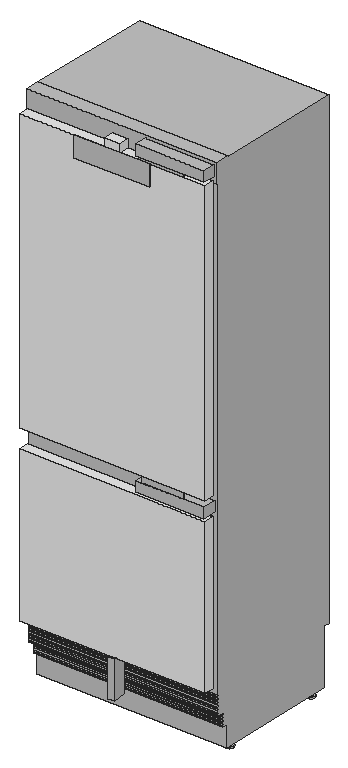
Revit family "FP-Revit20-en-RS3084WRUE1-FridgeFreezer-0-CA-US-90001084A", category Specialty Equipment, Revit 2020 (continued)
Definition of nested family "Handle Professional Round - Vertical"
  Automatic sketch dimensions
    Extrusion 2 sketch curve to plane 3 "Center (Left/Right)" = 0 mm
    Extrusion 2 sketch curve to plane 3 "Center (Left/Right)" = 18.5 mm
    plane 1 "Center (Front/Back)" to Extrusion 2 sketch curve = 41.7 mm
    Extrusion 3 sketch curve to plane 3 "Center (Left/Right)" = 0 mm
    plane 1 "Center (Front/Back)" to Extrusion 3 sketch curve = 41.7 mm
    Sweep 4 sketch curve to profile plane = 0 mm  (x2)
    Sweep 4 sketch curve to profile plane = 3 mm  (x2)
    Sweep 5 sketch curve to profile plane = 0 mm  (x2)
    Sweep 5 sketch curve to profile plane = 3 mm  (x2)
    Extrusion 6 sketch curve to plane 3 "Center (Left/Right)" = 0 mm
    Extrusion 6 sketch curve to plane 3 "Center (Left/Right)" = 18.5 mm
    plane 1 "Center (Front/Back)" to Extrusion 6 sketch curve = 41.7 mm
    Extrusion 6 sketch curve to Extrusion 6 sketch curve = 41.7 mm
    Extrusion 7 sketch curve to plane 3 "Center (Left/Right)" = 0 mm
    Extrusion 7 sketch curve to plane 3 "Center (Left/Right)" = 18.5 mm
    plane 1 "Center (Front/Back)" to Extrusion 7 sketch curve = 41.7 mm
    Extrusion 7 sketch curve to Extrusion 7 sketch curve = 41.7 mm
    radius of Extrusion 3 sketch curve = 12.7 mm
Definition of nested family "Handle Professional Round Flush - Vertical"
  Parameters (values of type "AHP3-RD84 - Professional round flush handle (Vertical) 677mm")
    URL = "www.fisherpaykel.com"
    Material - Handle = none
    Manufacturer = "Fisher & Paykel Appliances"
    Handle - Length = 677 mm
    Default Elevation = 0 mm
  Types (4): name
    (no name)
    AHP3RD2484W - Professional round flush handle (1 of 2) (Vertical) 677mm
    AHP3RD3084W - Professional round flush handle (1 of 2) (Vertical) 677mm
    AHP3-RD84 - Professional round flush handle (Vertical) 677mm
  Reference planes
    plane 1 "Center (Front/Back)": y = 0
    plane 2: z = 0
    plane 3 "Center (Left/Right)": x = 0
    plane 4 "Top": z = 338.5
    plane 5 "Bottom": z = -338.5
    plane 6 "Top Standoff": z = 303.5
    plane 7 "Bottom Standoff": z = -303.5
  Forms (mm)
    Extrusion 1, solid, material <- "Material - Handle", detail levels fine
      sketch origin (0, 0, 0) x (1, 0, 0) y (0, 1, 0)
        loop
          arc (-12.817, -46.665) -> (0, -58.016) -> (12.817, -46.665) r 12.912
          line (12.817, -46.665) -> (18.5, 0) -> (-18.5, 0) -> (-12.817, -46.665)
      from 303.5 to 338.5
    Extrusion 2, solid, material <- "Material - Handle", detail levels fine
      sketch origin (0, 0, 0) x (1, 0, 0) y (0, 1, 0)
        loop
          arc (-12.817, -46.665) -> (0, -58.016) -> (12.817, -46.665) r 12.912
          line (12.817, -46.665) -> (18.5, 0) -> (-18.5, 0) -> (-12.817, -46.665)
      from -338.5 to -303.5
    Extrusion 3, solid, material <- "Material - Handle"
      sketch origin (0, 0, 0) x (1, 0, 0) y (0, 1, 0)
        loop
          circle (0, -45.116) r 12.7
      from -303.5 to 303.5
    Sweep 4, void
      path in 3D
        loop
          line (18.5, 0, 338.5) -> (12.817, -46.665, 338.5)
          arc (12.817, -46.665, 338.5) -> (0, -58.016, 338.5) -> (-12.817, -46.665, 338.5) r 12.912
          line (-12.817, -46.665, 338.5) -> (-18.5, 0, 338.5)
      profile origin (0, -58.016, 338.5) x (0, -1, 0) y (0, 0, 1)
        loop
          line (0, 0) -> (-1.5, 0) -> (0, -1.5) -> (0, 0)
    Sweep 5, void
      path in 3D
        loop
          line (-18.5, 0, -338.5) -> (-12.817, -46.665, -338.5)
          arc (-12.817, -46.665, -338.5) -> (0, -58.016, -338.5) -> (12.817, -46.665, -338.5) r 12.912
          line (12.817, -46.665, -338.5) -> (18.5, 0, -338.5)
      profile origin (0, -58.016, -338.5) x (0, -1, 0) y (0, 0, -1)
        loop
          line (0, 0) -> (-1.5, 0) -> (0, -1.5) -> (0, 0)
    Extrusion 6, solid, material <- "Material - Handle", detail levels coarse+medium
      sketch origin (0, 0, 0) x (1, 0, 0) y (0, 1, 0)
        loop
          arc (-12.817, -46.665) -> (0, -58.016) -> (12.817, -46.665) r 12.912
          line (12.817, -46.665) -> (18.5, 0) -> (-18.5, 0) -> (-12.817, -46.665)
      from 303.5 to 338.5
    Extrusion 7, solid, material <- "Material - Handle", detail levels coarse+medium
      sketch origin (0, 0, 0) x (1, 0, 0) y (0, 1, 0)
        loop
          arc (-12.817, -46.665) -> (0, -58.016) -> (12.817, -46.665) r 12.912
          line (12.817, -46.665) -> (18.5, 0) -> (-18.5, 0) -> (-12.817, -46.665)
      from -338.5 to -303.5
  Cuts and joins
    Sweep 4 cuts Extrusion 1
    Sweep 5 cuts Extrusion 2
  Lines and regions (mm)
    sketch lines
      curve 1: arc (12.817, -46.665, 338.5) -> (0, -58.016, 338.5) -> (-12.817, -46.665, 338.5) r 12.912
      curve 2: line (12.817, -46.665, 338.5) -> (18.5, 0, 338.5)
      curve 3: line (-18.5, 0, 338.5) -> (-12.817, -46.665, 338.5)
      curve 4: arc (-12.817, -46.665, -338.5) -> (0, -58.016, -338.5) -> (12.817, -46.665, -338.5) r 12.912
      curve 5: line (18.5, 0, -338.5) -> (12.817, -46.665, -338.5)
      curve 6: line (-12.817, -46.665, -338.5) -> (-18.5, 0, -338.5)
  Dimensions and locks
    equal spacing: plane 4 "Top", level, plane 5 "Bottom"
    "Handle - Length": plane 4 "Top" to plane 5 "Bottom"
    aligned and locked: level to plane 2
    aligned and locked: plane 4 "Top" to Extrusion 1
    aligned and locked: Extrusion 1 to plane 6 "Top Standoff"
    aligned and locked: Extrusion 2 to plane 5 "Bottom"
    aligned and locked: plane 1 "Center (Front/Back)" to Extrusion 2 sketch curve
    aligned and locked: plane 6 "Top Standoff" to Extrusion 3
    aligned and locked: Extrusion 3 to plane 7 "Bottom Standoff"
  Automatic sketch dimensions
    plane 1 "Center (Front/Back)" to Extrusion 1 sketch curve = 0 mm
    Extrusion 1 sketch curve to plane 3 "Center (Left/Right)" = 0 mm
    Extrusion 1 sketch curve to plane 3 "Center (Left/Right)" = 12.817 mm
    Extrusion 1 sketch curve to plane 3 "Center (Left/Right)" = 18.5 mm
    plane 3 "Center (Left/Right)" to Extrusion 1 sketch curve = 12.817 mm
    plane 3 "Center (Left/Right)" to Extrusion 1 sketch curve = 18.5 mm
    plane 1 "Center (Front/Back)" to Extrusion 1 sketch curve = 45.104 mm
    Extrusion 1 sketch curve to Extrusion 1 sketch curve = 1.561 mm
    Extrusion 2 sketch curve to plane 3 "Center (Left/Right)" = 0 mm
    Extrusion 2 sketch curve to plane 3 "Center (Left/Right)" = 12.817 mm
    Extrusion 2 sketch curve to plane 3 "Center (Left/Right)" = 18.5 mm
    plane 3 "Center (Left/Right)" to Extrusion 2 sketch curve = 12.817 mm
    plane 3 "Center (Left/Right)" to Extrusion 2 sketch curve = 18.5 mm
    plane 1 "Center (Front/Back)" to Extrusion 2 sketch curve = 45.104 mm
    Extrusion 2 sketch curve to Extrusion 2 sketch curve = 1.561 mm
    Extrusion 3 sketch curve to plane 3 "Center (Left/Right)" = 0 mm
    plane 1 "Center (Front/Back)" to Extrusion 3 sketch curve = 45.116 mm
    Sweep 4 sketch curve to profile plane = 0 mm  (x2)
    profile plane to Sweep 4 sketch curve = 1.5 mm
    Sweep 4 sketch curve to profile plane = 1.5 mm
    profile plane to Sweep 5 sketch curve = 0 mm
    Sweep 5 sketch curve to profile plane = 0 mm
    profile plane to Sweep 5 sketch curve = 1.5 mm
    Sweep 5 sketch curve to profile plane = 1.5 mm
    Extrusion 6 sketch curve to plane 3 "Center (Left/Right)" = 0 mm
    Extrusion 6 sketch curve to plane 3 "Center (Left/Right)" = 12.817 mm
    Extrusion 6 sketch curve to plane 3 "Center (Left/Right)" = 18.5 mm
    plane 3 "Center (Left/Right)" to Extrusion 6 sketch curve = 12.817 mm
    plane 3 "Center (Left/Right)" to Extrusion 6 sketch curve = 18.5 mm
    plane 1 "Center (Front/Back)" to Extrusion 6 sketch curve = 46.665 mm
    Extrusion 6 sketch curve to Extrusion 6 sketch curve = 1.561 mm
    Extrusion 6 sketch curve to Extrusion 6 sketch curve = 46.665 mm
    Extrusion 7 sketch curve to plane 3 "Center (Left/Right)" = 0 mm
    Extrusion 7 sketch curve to plane 3 "Center (Left/Right)" = 12.817 mm
    Extrusion 7 sketch curve to plane 3 "Center (Left/Right)" = 18.5 mm
    plane 3 "Center (Left/Right)" to Extrusion 7 sketch curve = 12.817 mm
    plane 3 "Center (Left/Right)" to Extrusion 7 sketch curve = 18.5 mm
    plane 1 "Center (Front/Back)" to Extrusion 7 sketch curve = 46.665 mm
    Extrusion 7 sketch curve to Extrusion 7 sketch curve = 1.561 mm
    Extrusion 7 sketch curve to Extrusion 7 sketch curve = 46.665 mm
    radius of Extrusion 3 sketch curve = 12.7 mm
Definition of nested family "Handle Professional Square - Vertical"
  Parameters (values of type "AHV2RS3272A - Professional square handle (1 of 2) (Vertical) 727mm")
    URL = "www.fisherpaykel.com"
    Material - Handle = none
    Manufacturer = "Fisher & Paykel Appliances"
    Handle - Length = 727 mm
    Default Elevation = 0 mm
  Types (5, lengths in mm): name | Handle - Length
    (no name) | 727
    AHV2RD2484W - Professional square handle (1 of 2) (Vertical) 727mm | 727
    AHV2RD3084W - Professional square handle (1 of 2) (Vertical) 727mm | 727
    AHV2-RD84 - Professional square handle (Vertical) 792mm | 792
    AHV2RS3272A - Professional square handle (1 of 2) (Vertical) 727mm | 727
  Reference planes
    plane 1 "Center (Front/Back)": y = 0
    plane 2: z = 0
    plane 3 "Center (Left/Right)": x = 0
    plane 4 "Top": z = 363.5
    plane 5 "Bottom": z = -363.5
    plane 6 "Top Standoff": z = 313.5
    plane 7 "Bottom Standoff": z = -313.5
  Forms (mm)
    Extrusion 1, solid, material <- "Material - Handle", detail levels fine
      sketch origin (0, 0, 0) x (0, 1, 0) y (0, 0, 1)
        loop
          line (0, 363.5) -> (-40, 363.5)
          arc (-40, 363.5) -> (-47.071, 360.571) -> (-50, 353.5) r 10
          line (-50, 353.5) -> (-50, 313.5) -> (0, 313.5) -> (0, 363.5)
        loop
          line (0, -363.5) -> (0, -313.5) -> (-50, -313.5) -> (-50, -353.5)
          arc (-50, -353.5) -> (-47.071, -360.571) -> (-40, -363.5) r 10
          line (-40, -363.5) -> (0, -363.5)
      from -17.5 to 17.5
    Sweep 2, void
      path in 3D
        loop
          line (17.5, 0, 363.5) -> (17.5, -40, 363.5)
          arc (17.5, -40, 363.5) -> (17.5, -47.071, 360.571) -> (17.5, -50, 353.5) r 10
          line (17.5, -50, 353.5) -> (17.5, -50, 313.5)
      profile origin (17.5, -20, 363.5) x (1, 0, 0) y (0, 0, 1)
        loop
          line (0, 0) -> (-2.5, 0) -> (0, -2.5) -> (0, 0)
    Sweep 3, void
      path in 3D
        loop
          line (-17.5, -50, 313.5) -> (-17.5, -50, 353.5)
          arc (-17.5, -50, 353.5) -> (-17.5, -47.071, 360.571) -> (-17.5, -40, 363.5) r 10
          line (-17.5, -40, 363.5) -> (-17.5, 0, 363.5)
      profile origin (-17.5, -20, 363.5) x (-1, 0, 0) y (0, 0, 1)
        loop
          line (0, 0) -> (-2.5, 0) -> (0, -2.5) -> (0, 0)
    Sweep 4, void
      path in 3D
        loop
          line (17.5, -50, -313.5) -> (17.5, -50, -353.5)
          arc (17.5, -50, -353.5) -> (17.5, -47.071, -360.571) -> (17.5, -40, -363.5) r 10
          line (17.5, -40, -363.5) -> (17.5, 0, -363.5)
      profile origin (17.5, -20, -363.5) x (1, 0, 0) y (0, 0, -1)
        loop
          line (0, 0) -> (-2.5, 0) -> (0, -2.5) -> (0, 0)
    Sweep 5, void
      path in 3D
        loop
          line (-17.5, 0, -363.5) -> (-17.5, -40, -363.5)
          arc (-17.5, -40, -363.5) -> (-17.5, -47.071, -360.571) -> (-17.5, -50, -353.5) r 10
          line (-17.5, -50, -353.5) -> (-17.5, -50, -313.5)
      profile origin (-17.5, -20, -363.5) x (-1, 0, 0) y (0, 0, -1)
        loop
          line (0, 0) -> (-2.5, 0) -> (0, -2.5) -> (0, 0)
    Extrusion 6, solid, material <- "Material - Handle", detail levels fine
      sketch origin (0, 0, 0) x (1, 0, 0) y (0, 1, 0)
        loop
          line (-15.5, -36.737) -> (-15.5, -46.422) -> (-14.172, -47.75) -> (14.172, -47.75) -> (15.5, -46.422) -> (15.5, -36.737)
          arc (15.5, -36.737) -> (0, -32.25) -> (-15.5, -36.737) r 29.013
      from -313.5 to 313.5
    Extrusion 7, solid, material <- "Material - Handle", detail levels coarse+medium
      sketch origin (0, 0, 0) x (0, 1, 0) y (0, 0, 1)
        loop
          line (0, 363.5) -> (-40, 363.5)
          arc (-40, 363.5) -> (-47.071, 360.571) -> (-50, 353.5) r 10
          line (-50, 353.5) -> (-50, -353.5)
          arc (-50, -353.5) -> (-47.071, -360.571) -> (-40, -363.5) r 10
          line (-40, -363.5) -> (0, -363.5) -> (0, -313.5) -> (-31.95, -313.5) -> (-31.95, 313.5) -> (0, 313.5) -> (0, 363.5)
      from -17.5 to 17.5
  Cuts and joins
    Sweep 2, Sweep 3, Sweep 4, Sweep 5 cuts Extrusion 1
  Lines and regions (mm)
    sketch lines
      curve 1: line (17.5, 0, 363.5) -> (17.5, -40, 363.5)
      curve 2: arc (17.5, -50, 353.5) -> (17.5, -47.071, 360.571) -> (17.5, -40, 363.5) r 10
      curve 3: line (17.5, -50, 353.5) -> (17.5, -50, 313.5)
      curve 4: line (-17.5, -40, 363.5) -> (-17.5, 0, 363.5)
      curve 5: arc (-17.5, -40, 363.5) -> (-17.5, -47.071, 360.571) -> (-17.5, -50, 353.5) r 10
      curve 6: line (-17.5, -50, 313.5) -> (-17.5, -50, 353.5)
      curve 7: line (17.5, -40, -363.5) -> (17.5, 0, -363.5)
      curve 8: arc (17.5, -40, -363.5) -> (17.5, -47.071, -360.571) -> (17.5, -50, -353.5) r 10
      curve 9: line (17.5, -50, -313.5) -> (17.5, -50, -353.5)
      curve 10: line (-17.5, 0, -363.5) -> (-17.5, -40, -363.5)
      curve 11: arc (-17.5, -50, -353.5) -> (-17.5, -47.071, -360.571) -> (-17.5, -40, -363.5) r 10
      curve 12: line (-17.5, -50, -353.5) -> (-17.5, -50, -313.5)
  Dimensions and locks
    equal spacing: plane 4 "Top", level, plane 5 "Bottom"
    "Handle - Length": plane 4 "Top" to plane 5 "Bottom"
    plane 7 "Bottom Standoff" to plane 5 "Bottom" = 50 mm
    plane 4 "Top" to plane 6 "Top Standoff" = 50 mm
    aligned and locked: level to plane 2
    aligned and locked: plane 4 "Top" to Extrusion 1 sketch curve
    aligned and locked: plane 5 "Bottom" to Extrusion 1 sketch curve
    aligned and locked: Extrusion 1 sketch curve to plane 1 "Center (Front/Back)"
    aligned and locked: plane 1 "Center (Front/Back)" to Extrusion 1 sketch curve
    aligned and locked: plane 6 "Top Standoff" to Extrusion 1 sketch curve
    aligned and locked: plane 7 "Bottom Standoff" to Extrusion 1 sketch curve
    aligned and locked: plane 6 "Top Standoff" to Extrusion 6
    aligned and locked: Extrusion 6 to plane 7 "Bottom Standoff"
    aligned and locked: plane 4 "Top" to Extrusion 7 sketch curve
    aligned and locked: plane 6 "Top Standoff" to Extrusion 7 sketch curve
    aligned and locked: plane 1 "Center (Front/Back)" to Extrusion 7 sketch curve
    aligned and locked: plane 7 "Bottom Standoff" to Extrusion 7 sketch curve
    aligned and locked: plane 5 "Bottom" to Extrusion 7 sketch curve
    aligned and locked: Extrusion 7 sketch curve to plane 1 "Center (Front/Back)"
  Automatic sketch dimensions
    Sweep 2 sketch curve to profile plane = 0 mm
    profile plane to Sweep 2 sketch curve = 0 mm
    profile plane to Sweep 2 sketch curve = 2.5 mm
    Sweep 2 sketch curve to profile plane = 2.5 mm
    Sweep 3 sketch curve to profile plane = 0 mm  (x2)
    profile plane to Sweep 3 sketch curve = 2.5 mm
    Sweep 3 sketch curve to profile plane = 2.5 mm
    Sweep 4 sketch curve to profile plane = 0 mm
    profile plane to Sweep 4 sketch curve = 0 mm
    profile plane to Sweep 4 sketch curve = 2.5 mm
    Sweep 4 sketch curve to profile plane = 2.5 mm
    Sweep 5 sketch curve to profile plane = 0 mm  (x2)
    profile plane to Sweep 5 sketch curve = 2.5 mm
    Sweep 5 sketch curve to profile plane = 2.5 mm
    plane 1 "Center (Front/Back)" to Extrusion 1 sketch curve = 40 mm  (x2)
    Extrusion 1 sketch curve to Extrusion 1 sketch curve = 10 mm  (x2)
    Extrusion 6 sketch curve to plane 3 "Center (Left/Right)" = 0 mm
    Extrusion 6 sketch curve to Extrusion 6 sketch curve = 1.328 mm  (x4)
    plane 1 "Center (Front/Back)" to Extrusion 6 sketch curve = 61.263 mm
    Extrusion 6 sketch curve to Extrusion 6 sketch curve = 13.513 mm
    Extrusion 6 sketch curve to Extrusion 6 sketch curve = 9.684 mm  (x2)
    Extrusion 6 sketch curve to plane 3 "Center (Left/Right)" = 14.172 mm
    plane 1 "Center (Front/Back)" to Extrusion 7 sketch curve = 31.95 mm
    plane 1 "Center (Front/Back)" to Extrusion 7 sketch curve = 40 mm  (x2)
    Extrusion 7 sketch curve to plane 4 "Top" = 10 mm
Definition of nested family "Handle Contemporary Round - Horizontal"
  Parameters (values of type "AHSRS80A - Contemporary round handle (2 of 2) (Horizontal) 646mm")
    URL = "www.fisherpaykel.com"
    Product - Width = 646 mm
    Material - Handle = none
    Manufacturer = "Fisher & Paykel Appliances"
    Default Elevation = 0 mm
  Types (5, lengths in mm): name | Product - Width
    (no name) | 646
    AHSRD2484W - Contemporary round handle (2 of 2) (Horizontal) 494mm | 494
    AHSRD3084W - Contemporary round handle (2 of 2) (Horizontal) 646mm | 646
    AHSRS3272A - Contemporary round handle (2 of 2) (Horizontal) 646mm | 646
    AHSRS80A - Contemporary round handle (2 of 2) (Horizontal) 646mm | 646
  Reference planes
    plane 1 "Center (Front/Back)": y = 0
    plane 2: z = 0
    plane 3 "Center (Left/Right)": x = 0
    plane 4 "Product LHS": x = -323
    plane 5 "Product RHS": x = 323
    plane 6 "LHS Standoff": x = -202.995
    plane 7 "RHS Standoff": x = 203.005
  Forms (mm)
    Extrusion 1, solid, material <- "Material - Handle"
      sketch origin (0, 0, 0) x (0, 1, 0) y (0, 0, 1)
        loop
          circle (-32.3, 0) r 8.7
      from -202.995 to 203.005
    Extrusion 2, solid, material <- "Material - Handle", detail levels fine
      sketch origin (0, 0, 0) x (0, 1, 0) y (0, 0, 1)
        loop
          line (0, 8.7) -> (-32.3, 8.7)
          arc (-32.3, 8.7) -> (-41, 0) -> (-32.3, -8.7) r 8.7
          line (-32.3, -8.7) -> (0, -8.7) -> (0, 8.7)
      from 203.005 to 323
    Extrusion 3, solid, material <- "Material - Handle", detail levels fine
      sketch origin (0, 0, 0) x (0, 1, 0) y (0, 0, -1)
        loop
          line (0, -8.7) -> (0, 8.7) -> (-32.3, 8.7)
          arc (-32.3, 8.7) -> (-41, 0) -> (-32.3, -8.7) r 8.7
          line (-32.3, -8.7) -> (0, -8.7)
      from 202.995 to 323
    Sweep 4, void
      path in 3D
        loop
          line (323, 0, 8.7) -> (323, -32.3, 8.7)
          arc (323, -32.3, 8.7) -> (323, -41, 0) -> (323, -32.3, -8.7) r 8.7
          line (323, -32.3, -8.7) -> (323, 0, -8.7)
      profile origin (323, -16.15, 8.7) x (1, 0, 0) y (0, 0, 1)
        loop
          line (0, 0) -> (-1, 0) -> (0, -1) -> (0, 0)
    Sweep 5, void
      path in 3D
        loop
          line (-323, 0, -8.7) -> (-323, -32.3, -8.7)
          arc (-323, -32.3, -8.7) -> (-323, -41, 0) -> (-323, -32.3, 8.7) r 8.7
          line (-323, -32.3, 8.7) -> (-323, 0, 8.7)
      profile origin (-323, -16.15, 8.7) x (-1, 0, 0) y (0, 0, 1)
        loop
          line (0, 0) -> (-1, 0) -> (0, -1) -> (0, 0)
    Extrusion 6, solid, material <- "Material - Handle", detail levels coarse+medium
      sketch origin (0, 0, 0) x (0, 1, 0) y (0, 0, 1)
        loop
          line (0, 8.7) -> (-32.3, 8.7)
          arc (-32.3, 8.7) -> (-41, 0) -> (-32.3, -8.7) r 8.7
          line (-32.3, -8.7) -> (0, -8.7) -> (0, 8.7)
      from 203.005 to 323
    Extrusion 7, solid, material <- "Material - Handle", detail levels coarse+medium
      sketch origin (0, 0, 0) x (0, 1, 0) y (0, 0, -1)
        loop
          line (0, -8.7) -> (0, 8.7) -> (-32.3, 8.7)
          arc (-32.3, 8.7) -> (-41, 0) -> (-32.3, -8.7) r 8.7
          line (-32.3, -8.7) -> (0, -8.7)
      from 202.995 to 323
  Cuts and joins
    Sweep 4 cuts Extrusion 2
    Sweep 5 cuts Extrusion 3
  Lines and regions (mm)
    sketch lines
      curve 1: line (323, 0, 8.7) -> (323, -32.3, 8.7)
      curve 2: arc (323, -32.3, -8.7) -> (323, -41, 0) -> (323, -32.3, 8.7) r 8.7
      curve 3: line (323, -32.3, -8.7) -> (323, 0, -8.7)
      curve 4: line (-323, -32.3, 8.7) -> (-323, 0, 8.7)
      curve 5: arc (-323, -32.3, 8.7) -> (-323, -41, 0) -> (-323, -32.3, -8.7) r 8.7
      curve 6: line (-323, 0, -8.7) -> (-323, -32.3, -8.7)
  Dimensions and locks
    equal spacing: plane 4 "Product LHS", plane 3 "Center (Left/Right)", plane 5 "Product RHS"
    "Product - Width": plane 4 "Product LHS" to plane 5 "Product RHS"
    locked: plane 4 "Product LHS" to plane 6 "LHS Standoff" at 120.005
    locked: plane 7 "RHS Standoff" to plane 5 "Product RHS" at 119.995
    equal spacing: Extrusion 2 sketch curve, level, Extrusion 2 sketch curve
    Extrusion 3 sketch curve to Extrusion 3 sketch curve = 17.4 mm
    Extrusion 6 sketch curve to Extrusion 6 sketch curve = 17.4 mm
    Extrusion 7 sketch curve to Extrusion 7 sketch curve = 17.4 mm
    aligned and locked: level to plane 2
    aligned and locked: plane 7 "RHS Standoff" to Extrusion 1
    aligned and locked: Extrusion 2 to Extrusion 1
    aligned and locked: Extrusion 2 to plane 5 "Product RHS"
    aligned and locked: plane 4 "Product LHS" to Extrusion 3
    aligned and locked: plane 6 "LHS Standoff" to Extrusion 3
    aligned and locked: Extrusion 1 to plane 6 "LHS Standoff"
    aligned and locked: Extrusion 6 to Extrusion 1
    aligned and locked: Extrusion 6 to plane 5 "Product RHS"
    aligned and locked: plane 4 "Product LHS" to Extrusion 7
    aligned and locked: Extrusion 7 to Extrusion 1
  Automatic sketch dimensions
    Extrusion 1 sketch curve to level = 0 mm
    plane 1 "Center (Front/Back)" to Extrusion 1 sketch curve = 32.3 mm
    Extrusion 2 sketch curve to plane 1 "Center (Front/Back)" = 0 mm
    Extrusion 2 sketch curve to level = 8.7 mm
    plane 1 "Center (Front/Back)" to Extrusion 2 sketch curve = 32.3 mm
    Extrusion 3 sketch curve to level = 0 mm
    Extrusion 3 sketch curve to plane 1 "Center (Front/Back)" = 0 mm
    Extrusion 3 sketch curve to level = 8.7 mm
    plane 1 "Center (Front/Back)" to Extrusion 3 sketch curve = 32.3 mm
    Sweep 4 sketch curve to profile plane = 0 mm
    profile plane to Sweep 4 sketch curve = 0 mm
    profile plane to Sweep 4 sketch curve = 1 mm
    Sweep 4 sketch curve to profile plane = 1 mm
    Sweep 5 sketch curve to profile plane = 0 mm  (x2)
    profile plane to Sweep 5 sketch curve = 1 mm
    Sweep 5 sketch curve to profile plane = 1 mm
    Extrusion 6 sketch curve to level = 0 mm
    level to Extrusion 6 sketch curve = 8.7 mm
    plane 1 "Center (Front/Back)" to Extrusion 6 sketch curve = 32.3 mm
    Extrusion 6 sketch curve to Extrusion 6 sketch curve = 32.3 mm
    Extrusion 7 sketch curve to level = 0 mm
    level to Extrusion 7 sketch curve = 8.7 mm
    plane 1 "Center (Front/Back)" to Extrusion 7 sketch curve = 32.3 mm
    Extrusion 7 sketch curve to Extrusion 7 sketch curve = 32.3 mm
    radius of Extrusion 1 sketch curve = 8.7 mm
Definition of nested family "Handle Contemporary Square - Horizontal"
  Parameters (values of type "AHD3RD3084W - Contemporary square handle (2 of 2) (Horizontal) 646mm")
    URL = "www.fisherpaykel.com"
    Material - Handle = none
    Manufacturer = "Fisher & Paykel Appliances"
    Handle - Length = 646 mm
    Default Elevation = 0 mm
  Types (5, lengths in mm): name | Handle - Length
    (no name) | 646
    AHD3RD2484W - Contemporary square handle (2 of 2) (Horizontal) 494mm | 494
    AHD3RD3084W - Contemporary square handle (2 of 2) (Horizontal) 646mm | 646
    AHD3RS3272A - Contemporary square handle (2 of 2) (Horizontal) 646mm | 646
    AHD3RS80A - Contemporary square handle (2 of 2) (Horizontal) 646mm | 646
  Reference planes
    plane 1 "Center (Front/Back)": y = 0
    plane 2: z = 0
    plane 3 "Center (Left/Right)": x = 0
    plane 4 "Product LHS": x = -323
    plane 5 "Product RHS": x = 323
    plane 6 "LHS Standoff": x = -202.995
    plane 7 "RHS Standoff": x = 203.005
  Forms (mm)
    Extrusion 1, solid, material <- "Material - Handle", detail levels fine
      sketch origin (0, 0, 0) x (0, 1, 0) y (0, 0, 1)
        loop
          arc (-28.701, 7.561) -> (-29.057, 7.868) -> (-29.514, 7.978) r 1
          line (-29.514, 7.978) -> (-40.5, 7.978)
          arc (-40.5, 7.978) -> (-41.561, 7.539) -> (-42, 6.478) r 1.5
          line (-42, 6.478) -> (-42, -6.522)
          arc (-42, -6.522) -> (-41.561, -7.583) -> (-40.5, -8.022) r 1.5
          line (-40.5, -8.022) -> (-29.487, -8.022)
          arc (-29.487, -8.022) -> (-29.029, -7.911) -> (-28.673, -7.602) r 1
          arc (-28.673, -7.602) -> (-26.256, -0.016) -> (-28.701, 7.561) r 13.038
      from -323 to 323
    Extrusion 2, solid, material <- "Material - Handle", detail levels fine
      sketch origin (0, 0, 0) x (0, 1, 0) y (0, 0, 1)
        loop
          arc (-28.23, 7.062) -> (-26.156, 0.008) -> (-28.198, -7.056) r 13.136
          arc (-28.198, -7.056) -> (-28.21, -7.463) -> (-27.86, -7.67) r 0.4
          line (-27.86, -7.67) -> (0, -7.67) -> (0, 7.678) -> (-27.893, 7.678)
          arc (-27.893, 7.678) -> (-28.244, 7.47) -> (-28.23, 7.062) r 0.4
      from 203.005 to 323
    Extrusion 3, solid, material <- "Material - Handle", detail levels fine
      sketch origin (0, 0, 0) x (0, 1, 0) y (0, 0, -1)
        loop
          arc (-28.23, -7.062) -> (-28.244, -7.47) -> (-27.893, -7.678) r 0.4
          line (-27.893, -7.678) -> (0, -7.678) -> (0, 7.67) -> (-27.86, 7.67)
          arc (-27.86, 7.67) -> (-28.21, 7.463) -> (-28.198, 7.056) r 0.4
          arc (-28.198, 7.056) -> (-26.156, -0.008) -> (-28.23, -7.062) r 13.136
      from 202.995 to 323
    Sweep 4, void
      path in 3D
        loop
          line (323, -29.514, 7.978) -> (323, -40.5, 7.978)
          arc (323, -40.5, 7.978) -> (323, -41.561, 7.539) -> (323, -42, 6.478) r 1.5
          line (323, -42, 6.478) -> (323, -42, -6.522)
          arc (323, -42, -6.522) -> (323, -41.561, -7.583) -> (323, -40.5, -8.022) r 1.5
          line (323, -40.5, -8.022) -> (323, -29.487, -8.022)
      profile origin (323, -35.007, 7.978) x (1, 0, 0) y (0, 0, 1)
        loop
          line (0, 0) -> (-1.3, 0) -> (0, -1.3) -> (0, 0)
    Sweep 5, void
      path in 3D
        loop
          line (-323, -29.487, -8.022) -> (-323, -40.5, -8.022)
          arc (-323, -40.5, -8.022) -> (-323, -41.561, -7.583) -> (-323, -42, -6.522) r 1.5
          line (-323, -42, -6.522) -> (-323, -42, 6.478)
          arc (-323, -42, 6.478) -> (-323, -41.561, 7.539) -> (-323, -40.5, 7.978) r 1.5
          line (-323, -40.5, 7.978) -> (-323, -29.514, 7.978)
      profile origin (-323, -35.007, 7.978) x (-1, 0, 0) y (0, 0, 1)
        loop
          line (0, 0) -> (-1.3, 0) -> (0, -1.3) -> (0, 0)
    Extrusion 6, void
      sketch origin (0, 0, 0) x (1, 0, 0) y (0, 0, 1)
        loop
          line (323, 7.978) -> (321.7, 7.978) -> (323, 6.678) -> (323, 7.978)
        loop
          line (323, -8.022) -> (323, -6.722) -> (321.7, -8.022) -> (323, -8.022)
      from 0 to 40
    Extrusion 7, void
      sketch origin (0, 0, 0) x (1, 0, 0) y (0, 0, 1)
        loop
          line (-323, 7.978) -> (-323, 6.678) -> (-321.7, 7.978) -> (-323, 7.978)
        loop
          line (-323, -8.022) -> (-321.7, -8.022) -> (-323, -6.722) -> (-323, -8.022)
      from 0 to 40
    Extrusion 8, solid, material <- "Material - Handle", detail levels coarse+medium
      sketch origin (0, 0, 0) x (1, 0, 0) y (0, 1, 0)
        loop
          line (-323, -42) -> (323, -42) -> (323, 0) -> (203.005, 0) -> (203.005, -26.156) -> (-202.995, -26.156) -> (-202.995, 0) -> (-323, 0) -> (-323, -42)
      from -8.022 to 7.978
  Cuts and joins
    Sweep 4, Sweep 5, Extrusion 6, Extrusion 7 cuts Extrusion 1
    Extrusion 6 cuts Extrusion 2
    Extrusion 7 cuts Extrusion 3
  Lines and regions (mm)
    sketch lines
      curve 1: line (323, -29.514, 7.978) -> (323, -40.5, 7.978)
      curve 2: arc (323, -42, 6.478) -> (323, -41.561, 7.539) -> (323, -40.5, 7.978) r 1.5
      curve 3: line (323, -42, 6.478) -> (323, -42, -6.522)
      curve 4: arc (323, -40.5, -8.022) -> (323, -41.561, -7.583) -> (323, -42, -6.522) r 1.5
      curve 5: line (323, -40.5, -8.022) -> (323, -29.487, -8.022)
      curve 6: line (-323, -40.5, 7.978) -> (-323, -29.514, 7.978)
      curve 7: arc (-323, -40.5, 7.978) -> (-323, -41.561, 7.539) -> (-323, -42, 6.478) r 1.5
      curve 8: line (-323, -42, -6.522) -> (-323, -42, 6.478)
      curve 9: arc (-323, -42, -6.522) -> (-323, -41.561, -7.583) -> (-323, -40.5, -8.022) r 1.5
      curve 10: line (-323, -29.487, -8.022) -> (-323, -40.5, -8.022)
  Dimensions and locks
    equal spacing: plane 4 "Product LHS", plane 3 "Center (Left/Right)", plane 5 "Product RHS"
    "Handle - Length": plane 4 "Product LHS" to plane 5 "Product RHS"
    locked: plane 4 "Product LHS" to plane 6 "LHS Standoff" at 120.005
    locked: plane 7 "RHS Standoff" to plane 5 "Product RHS" at 119.995
    aligned and locked: level to plane 2
    aligned and locked: Extrusion 1 to plane 5 "Product RHS"
    aligned and locked: plane 4 "Product LHS" to Extrusion 1
    aligned and locked: Extrusion 2 to plane 5 "Product RHS"
    aligned and locked: plane 4 "Product LHS" to Extrusion 3
    aligned and locked: plane 4 "Product LHS" to Extrusion 8 sketch curve
    aligned and locked: Extrusion 8 sketch curve to plane 5 "Product RHS"
    aligned and locked: Extrusion 8 sketch curve to plane 7 "RHS Standoff"
    aligned and locked: plane 6 "LHS Standoff" to Extrusion 8 sketch curve
    aligned and locked: Extrusion 2 to plane 7 "RHS Standoff"
    aligned and locked: plane 6 "LHS Standoff" to Extrusion 3
  Automatic sketch dimensions
    Extrusion 1 sketch curve to level = 6.522 mm
    plane 1 "Center (Front/Back)" to Extrusion 1 sketch curve = 42 mm
    Extrusion 1 sketch curve to Extrusion 1 sketch curve = 1.5 mm  (x2)
    Extrusion 1 sketch curve to level = 0.04 mm
    Extrusion 1 sketch curve to Extrusion 1 sketch curve = 1.206 mm
    level to Extrusion 1 sketch curve = 6.978 mm
    Extrusion 1 sketch curve to Extrusion 1 sketch curve = 10.986 mm
    Extrusion 1 sketch curve to Extrusion 1 sketch curve = 11.013 mm
    Extrusion 1 sketch curve to Extrusion 1 sketch curve = 1 mm
    level to Extrusion 1 sketch curve = 6.478 mm
    Extrusion 1 sketch curve to Extrusion 1 sketch curve = 0 mm
    Extrusion 2 sketch curve to plane 1 "Center (Front/Back)" = 0 mm
    Extrusion 2 sketch curve to level = 7.67 mm
    Extrusion 2 sketch curve to Extrusion 2 sketch curve = 27.86 mm
    level to Extrusion 2 sketch curve = 7.678 mm
    Extrusion 2 sketch curve to Extrusion 2 sketch curve = 0.033 mm
    Extrusion 2 sketch curve to level = 0.022 mm
    Extrusion 2 sketch curve to Extrusion 2 sketch curve = 11.398 mm
    Extrusion 2 sketch curve to Extrusion 2 sketch curve = 0.4 mm  (x2)
    Extrusion 2 sketch curve to Extrusion 2 sketch curve = 0 mm
    Extrusion 3 sketch curve to plane 1 "Center (Front/Back)" = 0 mm
    Extrusion 3 sketch curve to level = 7.67 mm
    Extrusion 3 sketch curve to Extrusion 3 sketch curve = 27.86 mm
    level to Extrusion 3 sketch curve = 7.678 mm
    Extrusion 3 sketch curve to Extrusion 3 sketch curve = 0.033 mm
    Extrusion 3 sketch curve to level = 0.022 mm
    Extrusion 3 sketch curve to Extrusion 3 sketch curve = 11.398 mm
    Extrusion 3 sketch curve to Extrusion 3 sketch curve = 0.4 mm  (x2)
    Extrusion 3 sketch curve to Extrusion 3 sketch curve = 0 mm
    profile plane to Sweep 4 sketch curve = 0 mm
    Sweep 4 sketch curve to profile plane = 0 mm
    Sweep 4 sketch curve to profile plane = 1.3 mm
    profile plane to Sweep 4 sketch curve = 1.3 mm
    Sweep 5 sketch curve to profile plane = 0 mm  (x2)
    profile plane to Sweep 5 sketch curve = 1.3 mm
    Sweep 5 sketch curve to profile plane = 1.3 mm
    plane 5 "Product RHS" to Extrusion 6 sketch curve = 0 mm  (x2)
    Extrusion 6 sketch curve to Extrusion 6 sketch curve = 1.3 mm  (x4)
    Extrusion 6 sketch curve to level = 6.722 mm
    level to Extrusion 6 sketch curve = 6.678 mm
    plane 4 "Product LHS" to Extrusion 7 sketch curve = 0 mm  (x2)
    Extrusion 7 sketch curve to plane 4 "Product LHS" = 1.3 mm  (x2)
    Extrusion 7 sketch curve to level = 8.022 mm
    level to Extrusion 7 sketch curve = 6.678 mm
    Extrusion 7 sketch curve to Extrusion 7 sketch curve = 1.3 mm  (x2)
    plane 1 "Center (Front/Back)" to Extrusion 8 sketch curve = 0 mm  (x2)
    Extrusion 8 sketch curve to Extrusion 8 sketch curve = 26.156 mm
    Extrusion 8 sketch curve to Extrusion 8 sketch curve = 42 mm
Definition of nested family "F&P Handle Kit - Contemporary Square Fine - Horizontal"
  Parameters (values of type "AHD5RD2484W - Contemporary square fine handle (2 of 2) (Horizontal) 494mm")
    URL = "www.fisherpaykel.com"
    Material - Handle = none
    Manufacturer = "Fisher & Paykel Appliances"
    Handle - Length = 494 mm
    Default Elevation = 0 mm
  Types (15, lengths in mm): name | Handle - Length
    (no name) | 494
    AHD5RD2484W - Contemporary square fine handle (2 of 2) (Horizontal) 494mm | 494
    AHD5RD2484WB - Contemporary square fine black handle (2 of 2) (Horizontal) 494mm | 494
    AHD5RD3084W - Contemporary square fine handle (2 of 2) (Horizontal) 646mm | 646
    AHD5RD3084WB - Contemporary square fine black handle (2 of 2) (Horizontal) 646mm | 646
    AHD5RD7621W - Contemporary square fine handle (2 of 2) (Horizontal) 646mm | 646
    AHD5RD7621WB - Contemporary square fine handle black (2 of 2) (Horizontal) 646mm | 646
    AHD5RD6121W - Contemporary square fine handle (2 of 2) (Horizontal) 494mm | 494
    AHD5RD6121WB - Contemporary square fine handle black (2 of 2) (Horizontal) 494mm | 494
    AHD5RD36A - Contemporary square fine handle (2 of 2) (Horizontal) 746mm | 746
    AHD5RD36AB - Contemporary square fine black handle (2 of 2) (Horizontal) 746mm | 746
    AHD5RD90A - Contemporary square fine handle (2 of 2) (Horizontal) 746mm | 746
    AHD5RD80A - Contemporary square fine handle (2 of 2) (Horizontal) 646mm | 646
    AHD5RD80AB - Contemporary square fine black handle (2 of 2) (Horizontal) 646mm | 646
    AHD5RD90AB - Contemporary square fine black handle (2 of 2) (Horizontal) 746mm | 746
  Reference planes
    plane 1 "Center (Front/Back)": y = 0
    plane 2: z = 0
    plane 3 "Center (Left/Right)": x = 0
    plane 4 "Product LHS": x = -247
    plane 5 "Product RHS": x = 247
    plane 6 "LHS Standoff": x = -126.995
    plane 7 "RHS Standoff": x = 127.005
  Forms (mm)
    Extrusion 1, solid, material <- "Material - Handle", detail levels fine
      sketch origin (0, 0, 0) x (0, 1, 0) y (0, 0, 1)
        loop
          arc (-26.813, 6.16) -> (-27.196, 6.554) -> (-27.728, 6.686) r 1
          line (-27.728, 6.686) -> (-40.035, 6.256)
          arc (-40.035, 6.256) -> (-40.719, 5.951) -> (-41, 5.257) r 1
          line (-41, 5.257) -> (-41, -5.257)
          arc (-41, -5.257) -> (-40.719, -5.951) -> (-40.035, -6.256) r 1
          line (-40.035, -6.256) -> (-27.709, -6.686)
          arc (-27.709, -6.686) -> (-27.175, -6.554) -> (-26.792, -6.158) r 1
          arc (-26.792, -6.158) -> (-25.256, 0.004) -> (-26.813, 6.16) r 13.038
      from -247 to 247
    Extrusion 2, solid, material <- "Material - Handle", detail levels fine
      sketch origin (0, 0, 0) x (0, 1, 0) y (0, 0, 1)
        loop
          arc (-26.626, -6.008) -> (-26.614, -6.49) -> (-26.2, -6.737) r 0.5
          line (-26.2, -6.737) -> (0, -7.696) -> (0, 7.704) -> (-26.174, 6.747)
          arc (-26.174, 6.747) -> (-26.587, 6.5) -> (-26.6, 6.019) r 0.5
          arc (-26.6, 6.019) -> (-25.156, 0.002) -> (-26.626, -6.008) r 13.136
      from 127.005 to 247
    Extrusion 3, solid, material <- "Material - Handle", detail levels coarse+medium
      sketch origin (0, 0, 0) x (1, 0, 0) y (0, 1, 0)
        loop
          line (-247, -42) -> (247, -42) -> (247, 0) -> (127.005, 0) -> (127.005, -26.156) -> (-126.995, -26.156) -> (-126.995, 0) -> (-247, 0) -> (-247, -42)
      from -8.022 to 7.978
    Extrusion 4, solid, material <- "Material - Handle", detail levels fine
      sketch origin (0, 0, 0) x (0, 1, 0) y (0, 0, 1)
        loop
          arc (-26.626, -6.008) -> (-26.614, -6.49) -> (-26.2, -6.737) r 0.5
          line (-26.2, -6.737) -> (0, -7.696) -> (0, 7.704) -> (-26.174, 6.747)
          arc (-26.174, 6.747) -> (-26.587, 6.5) -> (-26.6, 6.019) r 0.5
          arc (-26.6, 6.019) -> (-25.156, 0.002) -> (-26.626, -6.008) r 13.136
      from -247 to -126.995
  Dimensions and locks
    equal spacing: plane 4 "Product LHS", plane 3 "Center (Left/Right)", plane 5 "Product RHS"
    "Handle - Length": plane 4 "Product LHS" to plane 5 "Product RHS"
    locked: plane 4 "Product LHS" to plane 6 "LHS Standoff" at 120.005
    locked: plane 7 "RHS Standoff" to plane 5 "Product RHS" at 119.995
    aligned and locked: level to plane 2
    aligned and locked: Extrusion 1 to plane 5 "Product RHS"
    aligned and locked: plane 4 "Product LHS" to Extrusion 1
    aligned and locked: Extrusion 2 to plane 5 "Product RHS"
    aligned and locked: plane 4 "Product LHS" to Extrusion 3 sketch curve
    aligned and locked: Extrusion 3 sketch curve to plane 5 "Product RHS"
    aligned and locked: Extrusion 3 sketch curve to plane 7 "RHS Standoff"
    aligned and locked: plane 6 "LHS Standoff" to Extrusion 3 sketch curve
    aligned and locked: plane 4 "Product LHS" to Extrusion 4
    aligned and locked: plane 6 "LHS Standoff" to Extrusion 4
    aligned and locked: Extrusion 2 to plane 7 "RHS Standoff"
  Automatic sketch dimensions
    Extrusion 1 sketch curve to level = 5.257 mm
    plane 1 "Center (Front/Back)" to Extrusion 1 sketch curve = 41 mm
    level to Extrusion 1 sketch curve = 6.256 mm
    Extrusion 1 sketch curve to Extrusion 1 sketch curve = 0.965 mm  (x2)
    Extrusion 1 sketch curve to level = 6.256 mm
    Extrusion 1 sketch curve to Extrusion 1 sketch curve = 0.035 mm  (x3)
    Extrusion 1 sketch curve to level = 0.018 mm
    Extrusion 1 sketch curve to Extrusion 1 sketch curve = 1.706 mm
    level to Extrusion 1 sketch curve = 6.686 mm
    Extrusion 1 sketch curve to Extrusion 1 sketch curve = 12.307 mm
    Extrusion 1 sketch curve to level = 6.686 mm
    Extrusion 1 sketch curve to Extrusion 1 sketch curve = 12.326 mm
    Extrusion 1 sketch curve to Extrusion 1 sketch curve = 0.999 mm  (x2)
    Extrusion 1 sketch curve to Extrusion 1 sketch curve = 0 mm
    Extrusion 2 sketch curve to plane 1 "Center (Front/Back)" = 0 mm
    level to Extrusion 2 sketch curve = 6.247 mm
    plane 1 "Center (Front/Back)" to Extrusion 2 sketch curve = 26.155 mm
    level to Extrusion 2 sketch curve = 6.747 mm
    Extrusion 2 sketch curve to Extrusion 2 sketch curve = 0.018 mm  (x2)
    Extrusion 2 sketch curve to level = 6.238 mm
    Extrusion 2 sketch curve to Extrusion 2 sketch curve = 0.026 mm
    Extrusion 2 sketch curve to level = 6.737 mm
    level to Extrusion 2 sketch curve = 0.03 mm
    Extrusion 2 sketch curve to Extrusion 2 sketch curve = 12.11 mm
    Extrusion 2 sketch curve to level = 7.696 mm
    level to Extrusion 2 sketch curve = 7.704 mm
    Extrusion 2 sketch curve to Extrusion 2 sketch curve = 0 mm
    plane 1 "Center (Front/Back)" to Extrusion 3 sketch curve = 42 mm
    Extrusion 3 sketch curve to Extrusion 3 sketch curve = 15.844 mm
    Extrusion 3 sketch curve to Extrusion 3 sketch curve = 26.156 mm  (x2)
    level to Extrusion 4 sketch curve = 0.03 mm
    plane 1 "Center (Front/Back)" to Extrusion 4 sketch curve = 38.291 mm
    Extrusion 4 sketch curve to level = 6.737 mm
    Extrusion 4 sketch curve to Extrusion 4 sketch curve = 12.091 mm
    Extrusion 4 sketch curve to Extrusion 4 sketch curve = 0.018 mm  (x2)
    level to Extrusion 4 sketch curve = 6.747 mm
    Extrusion 4 sketch curve to Extrusion 4 sketch curve = 0.008 mm
    level to Extrusion 4 sketch curve = 7.704 mm
    Extrusion 4 sketch curve to Extrusion 4 sketch curve = 26.174 mm
    Extrusion 4 sketch curve to level = 7.696 mm
    Extrusion 4 sketch curve to Extrusion 4 sketch curve = 0.5 mm  (x2)
    Extrusion 4 sketch curve to Extrusion 4 sketch curve = 0 mm
Definition of nested family "Handle Professional Round - Horizontal"
  Parameters (values of type "AHCRD2484W - Professional round handle (2 of 2) (Horizontal) 428mm")
    URL = "www.fisherpaykel.com"
    Material - Standoff = none
    Material - Handle = none
    Manufacturer = "Fisher & Paykel Appliances"
    Handle - Length = 428 mm
    Default Elevation = 0 mm
  Types (4, lengths in mm): name | Handle - Length
    (no name) | 428
    AHCRD2484W - Professional round handle (2 of 2) (Horizontal) 428mm | 428
    AHCRD3084W - Professional round handle (2 of 2) (Horizontal) 580mm | 646
    AHCRS3272A - Professional round handle (2 of 2) (Horizontal) 580mm | 646
  Reference planes
    plane 1 "Center (Front/Back)": y = 0
    plane 2: z = 0
    plane 3 "Center (Left/Right)": x = 0
    plane 4 "Product LHS": x = -214
    plane 5 "Product RHS": x = 214
    plane 6 "LHS Standoff": x = -170
    plane 7 "RHS Standoff": x = 170
  Forms (mm)
    Extrusion 1, solid, material <- "Material - Standoff", detail levels fine
      sketch origin (0, 0, 0) x (0, 1, 0) y (0, 0, 1)
        loop
          line (0, 18.5) -> (-41.7, 18.5)
          arc (-41.7, 18.5) -> (-60.2, 0) -> (-41.7, -18.5) r 18.5
          line (-41.7, -18.5) -> (0, -18.5) -> (0, 18.5)
      from 170 to 214
    Extrusion 2, solid, material <- "Material - Standoff", detail levels fine
      sketch origin (0, 0, 0) x (0, 1, 0) y (0, 0, 1)
        loop
          line (0, 18.5) -> (-41.7, 18.5)
          arc (-41.7, 18.5) -> (-60.2, 0) -> (-41.7, -18.5) r 18.5
          line (-41.7, -18.5) -> (0, -18.5) -> (0, 18.5)
      from -214 to -170
    Sweep 3, void
      path in 3D
        loop
          line (214, 0, 18.5) -> (214, -41.7, 18.5)
          arc (214, -41.7, 18.5) -> (214, -60.2, 0) -> (214, -41.7, -18.5) r 18.5
          line (214, -41.7, -18.5) -> (214, 0, -18.5)
      profile origin (214, -20.85, 18.5) x (1, 0, 0) y (0, 0, 1)
        loop
          line (0, 0) -> (-3, 0) -> (0, -3) -> (0, 0)
    Sweep 4, void
      path in 3D
        loop
          line (-214, 0, -18.5) -> (-214, -41.7, -18.5)
          arc (-214, -41.7, -18.5) -> (-214, -60.2, 0) -> (-214, -41.7, 18.5) r 18.5
          line (-214, -41.7, 18.5) -> (-214, 0, 18.5)
      profile origin (-214, -20.85, 18.5) x (-1, 0, 0) y (0, 0, 1)
        loop
          line (0, 0) -> (-3, 0) -> (0, -3) -> (0, 0)
    Extrusion 5, solid, material <- "Material - Handle"
      sketch origin (0, -2.3, 0) x (0, 1, 0) y (0, 0, 1)
        loop
          circle (-39.4, 0) r 12.7
      from -170 to 170
    Extrusion 6, solid, material <- "Material - Standoff", detail levels coarse+medium
      sketch origin (0, 0, 0) x (0, 1, 0) y (0, 0, 1)
        loop
          line (0, 18.5) -> (-41.7, 18.5)
          arc (-41.7, 18.5) -> (-60.2, 0) -> (-41.7, -18.5) r 18.5
          line (-41.7, -18.5) -> (0, -18.5) -> (0, 18.5)
      from 214 to 170
    Extrusion 7, solid, material <- "Material - Standoff", detail levels coarse+medium
      sketch origin (0, 0, 0) x (0, 1, 0) y (0, 0, 1)
        loop
          line (0, 18.5) -> (-41.7, 18.5)
          arc (-41.7, 18.5) -> (-60.2, 0) -> (-41.7, -18.5) r 18.5
          line (-41.7, -18.5) -> (0, -18.5) -> (0, 18.5)
      from -170 to -214
  Cuts and joins
    Sweep 3 cuts Extrusion 1
    Sweep 4 cuts Extrusion 2
  Lines and regions (mm)
    sketch lines
      curve 1: line (214, 0, 18.5) -> (214, -41.7, 18.5)
      curve 2: arc (214, -41.7, -18.5) -> (214, -60.2, 0) -> (214, -41.7, 18.5) r 18.5
      curve 3: line (214, -41.7, -18.5) -> (214, 0, -18.5)
      curve 4: line (-214, -41.7, 18.5) -> (-214, 0, 18.5)
      curve 5: arc (-214, -41.7, 18.5) -> (-214, -60.2, 0) -> (-214, -41.7, -18.5) r 18.5
      curve 6: line (-214, 0, -18.5) -> (-214, -41.7, -18.5)
  Dimensions and locks
    equal spacing: plane 4 "Product LHS", plane 3 "Center (Left/Right)", plane 5 "Product RHS"
    "Handle - Length": plane 4 "Product LHS" to plane 5 "Product RHS"
    plane 4 "Product LHS" to plane 6 "LHS Standoff" = 44 mm
    plane 7 "RHS Standoff" to plane 5 "Product RHS" = 44 mm
    aligned and locked: level to plane 2
    aligned and locked: Extrusion 1 to plane 7 "RHS Standoff"
    aligned and locked: Extrusion 1 to plane 5 "Product RHS"
    aligned and locked: plane 4 "Product LHS" to Extrusion 2
    aligned and locked: plane 6 "LHS Standoff" to Extrusion 2
    aligned and locked: Extrusion 5 to plane 6 "LHS Standoff"
    aligned and locked: plane 7 "RHS Standoff" to Extrusion 5
    aligned and locked: plane 5 "Product RHS" to Extrusion 6
    aligned and locked: plane 7 "RHS Standoff" to Extrusion 6
    aligned and locked: Extrusion 7 to plane 4 "Product LHS"
    aligned and locked: Extrusion 7 to plane 6 "LHS Standoff"
  Automatic sketch dimensions
    Extrusion 1 sketch curve to level = 0 mm
    Extrusion 1 sketch curve to plane 1 "Center (Front/Back)" = 0 mm
    Extrusion 1 sketch curve to level = 18.5 mm
    plane 1 "Center (Front/Back)" to Extrusion 1 sketch curve = 41.7 mm
    Extrusion 2 sketch curve to level = 0 mm
    Extrusion 2 sketch curve to plane 1 "Center (Front/Back)" = 0 mm
    Extrusion 2 sketch curve to level = 18.5 mm
    plane 1 "Center (Front/Back)" to Extrusion 2 sketch curve = 41.7 mm
    Sweep 3 sketch curve to profile plane = 0 mm
    profile plane to Sweep 3 sketch curve = 0 mm
    profile plane to Sweep 3 sketch curve = 3 mm
    Sweep 3 sketch curve to profile plane = 3 mm
    Sweep 4 sketch curve to profile plane = 0 mm  (x2)
    profile plane to Sweep 4 sketch curve = 3 mm
    Sweep 4 sketch curve to profile plane = 3 mm
    Extrusion 5 sketch curve to level = 0 mm
    plane 1 "Center (Front/Back)" to Extrusion 5 sketch curve = 41.7 mm
    Extrusion 6 sketch curve to level = 0 mm
    level to Extrusion 6 sketch curve = 18.5 mm
    plane 1 "Center (Front/Back)" to Extrusion 6 sketch curve = 41.7 mm
    Extrusion 6 sketch curve to Extrusion 6 sketch curve = 41.7 mm
    Extrusion 7 sketch curve to level = 0 mm
    level to Extrusion 7 sketch curve = 18.5 mm
    plane 1 "Center (Front/Back)" to Extrusion 7 sketch curve = 41.7 mm
    Extrusion 7 sketch curve to Extrusion 7 sketch curve = 41.7 mm
    radius of Extrusion 5 sketch curve = 12.7 mm
Definition of nested family "Handle Professional Round Flush - Horizontal"
  Parameters (values of type "AHP3RD36W - Professional round flush handle (2 of 2) (Horizontal) 727mm")
    URL = "www.fisherpaykel.com"
    Material - Handle = none
    Manufacturer = "Fisher & Paykel Appliances"
    Handle - Length = 727 mm
    Default Elevation = 0 mm
  Types (3, lengths in mm): name | Handle - Length
    AHP3RD2484W - Professional round flush handle (2 of 2) (Horizontal) 443mm | 443
    AHP3RD3084W - Professional round flush handle (2 of 2) (Horizontal) 596mm | 596
    AHP3RD36W - Professional round flush handle (2 of 2) (Horizontal) 727mm | 727
  Reference planes
    plane 1 "Center (Front/Back)": y = 0
    plane 2: z = 0
    plane 3 "Center (Left/Right)": x = 0
    plane 4 "Product LHS": x = -363.5
    plane 5 "Product RHS": x = 363.5
    plane 6 "LHS Standoff": x = -303.5
    plane 7 "RHS Standoff": x = 303.5
  Forms (mm)
    Extrusion 1, solid, material <- "Material - Handle", detail levels fine
      sketch origin (0, 0, 0) x (0, 1, 0) y (0, 0, 1)
        loop
          line (0, 12.8) -> (-45.117, 12.8)
          arc (-45.117, 12.8) -> (-57.807, 1.671) -> (-48.43, -12.364) r 12.8
          line (-48.43, -12.364) -> (0, -25.341) -> (0, 12.8)
      from 303.5 to 363.5
    Extrusion 2, solid, material <- "Material - Handle"
      sketch origin (0, 0, 0) x (0, 1, 0) y (0, 0, 1)
        loop
          circle (-45.117, 0) r 12.8
      from -303.5 to 303.5
    Sweep 3, void
      path origin (363.5, 0, 0) x (0, -1, 0) y (0, 0, 1)
        loop
          line (-1, 12.8) -> (45.117, 12.8)
          arc (45.117, 12.8) -> (57.807, 1.671) -> (48.43, -12.364) r 12.8
          line (48.43, -12.364) -> (-1, -25.609)
      profile origin (363.5, -22.058, 12.8) x (0, 0, 1) y (-1, 0, 0)
        loop
          line (1, -1) -> (1, 2.6) -> (-2.6, -1) -> (1, -1)
    Extrusion 4, solid, material <- "Material - Handle", detail levels fine
      sketch origin (0, 0, 0) x (0, 1, 0) y (0, 0, -1)
        loop
          line (0, -12.8) -> (0, 25.341) -> (-48.43, 12.364)
          arc (-48.43, 12.364) -> (-57.807, -1.671) -> (-45.117, -12.8) r 12.8
          line (-45.117, -12.8) -> (0, -12.8)
      from 303.5 to 363.5
    Sweep 5, void
      path origin (-363.5, 0, 0) x (0, -1, 0) y (0, 0, -1)
        loop
          line (-1, -12.8) -> (45.117, -12.8)
          arc (45.117, -12.8) -> (57.807, -1.671) -> (48.43, 12.364) r 12.8
          line (48.43, 12.364) -> (-1, 25.609)
      profile origin (-363.5, -22.058, 12.8) x (0, 0, -1) y (1, 0, 0)
        loop
          line (-1, -1) -> (2.6, -1) -> (-1, 2.6) -> (-1, -1)
    Extrusion 6, solid, material <- "Material - Handle", detail levels coarse+medium
      sketch origin (0, 0, 0) x (0, 1, 0) y (0, 0, 1)
        loop
          line (0, 12.8) -> (-45.117, 12.8)
          arc (-45.117, 12.8) -> (-57.807, 1.671) -> (-48.43, -12.364) r 12.8
          line (-48.43, -12.364) -> (0, -25.341) -> (0, 12.8)
      from 303.5 to 363.5
    Extrusion 7, solid, material <- "Material - Handle", detail levels coarse+medium
      sketch origin (0, 0, 0) x (0, 1, 0) y (0, 0, -1)
        loop
          line (0, -12.8) -> (0, 25.341) -> (-48.43, 12.364)
          arc (-48.43, 12.364) -> (-57.807, -1.671) -> (-45.117, -12.8) r 12.8
          line (-45.117, -12.8) -> (0, -12.8)
      from 303.5 to 363.5
  Cuts and joins
    Sweep 3, Sweep 5 cuts Extrusion 1
    Sweep 5 cuts Extrusion 4
  Dimensions and locks
    equal spacing: plane 4 "Product LHS", plane 3 "Center (Left/Right)", plane 5 "Product RHS"
    "Handle - Length": plane 4 "Product LHS" to plane 5 "Product RHS"
    plane 7 "RHS Standoff" to plane 5 "Product RHS" = 60 mm
    plane 4 "Product LHS" to plane 6 "LHS Standoff" = 60 mm
    aligned and locked: level to plane 2
    aligned and locked: Extrusion 1 to plane 5 "Product RHS"
    aligned and locked: Extrusion 1 to plane 7 "RHS Standoff"
    aligned and locked: plane 6 "LHS Standoff" to Extrusion 4
    aligned and locked: plane 4 "Product LHS" to Extrusion 4
    aligned and locked: plane 7 "RHS Standoff" to Extrusion 2
    aligned and locked: Extrusion 2 to plane 6 "LHS Standoff"
    aligned and locked: plane 6 "LHS Standoff" to Extrusion 7
    aligned and locked: plane 4 "Product LHS" to Extrusion 7
    aligned and locked: Extrusion 6 to plane 7 "RHS Standoff"
    aligned and locked: Extrusion 6 to plane 5 "Product RHS"
  Automatic sketch dimensions
    Extrusion 1 sketch curve to level = 0 mm
    Extrusion 1 sketch curve to plane 1 "Center (Front/Back)" = 0 mm
    plane 1 "Center (Front/Back)" to Extrusion 1 sketch curve = 45.117 mm
    Extrusion 1 sketch curve to level = 12.364 mm
    Extrusion 1 sketch curve to Extrusion 1 sketch curve = 3.313 mm
    Extrusion 1 sketch curve to level = 25.341 mm
    Sweep 3 sketch curve to level = 0 mm
    plane 1 "Center (Front/Back)" to Sweep 3 sketch curve = 45.117 mm
    Sweep 3 sketch curve to level = 12.364 mm
    Sweep 3 sketch curve to Sweep 3 sketch curve = 3.313 mm
    Sweep 3 sketch curve to plane 1 "Center (Front/Back)" = 1 mm  (x2)
    Sweep 3 sketch curve to level = 25.609 mm
    Sweep 3 sketch curve to plane 5 "Product RHS" = 1 mm
    profile plane to Sweep 3 sketch curve = 2.6 mm
    Sweep 3 sketch curve to profile plane = 1 mm
    plane 5 "Product RHS" to Sweep 3 sketch curve = 2.6 mm
    Extrusion 4 sketch curve to level = 0 mm
    Extrusion 4 sketch curve to plane 1 "Center (Front/Back)" = 0 mm
    plane 1 "Center (Front/Back)" to Extrusion 4 sketch curve = 45.117 mm
    Extrusion 4 sketch curve to level = 12.364 mm
    Extrusion 4 sketch curve to Extrusion 4 sketch curve = 3.313 mm
    Extrusion 4 sketch curve to level = 25.341 mm
    Sweep 5 sketch curve to level = 0 mm
    plane 1 "Center (Front/Back)" to Sweep 5 sketch curve = 45.117 mm
    Sweep 5 sketch curve to level = 12.364 mm
    Sweep 5 sketch curve to Sweep 5 sketch curve = 3.313 mm
    Sweep 5 sketch curve to plane 1 "Center (Front/Back)" = 1 mm  (x2)
    Sweep 5 sketch curve to level = 25.609 mm
    profile plane to Sweep 5 sketch curve = 1 mm
    Sweep 5 sketch curve to profile plane = 1 mm
    Sweep 5 sketch curve to profile plane = 2.6 mm
    profile plane to Sweep 5 sketch curve = 2.6 mm
    Extrusion 6 sketch curve to level = 0 mm
    Extrusion 6 sketch curve to level = 12.364 mm
    plane 1 "Center (Front/Back)" to Extrusion 6 sketch curve = 48.43 mm
    level to Extrusion 6 sketch curve = 12.8 mm
    Extrusion 6 sketch curve to Extrusion 6 sketch curve = 45.117 mm
    Extrusion 6 sketch curve to level = 25.341 mm
    Extrusion 7 sketch curve to level = 0 mm
    Extrusion 7 sketch curve to level = 12.364 mm
    plane 1 "Center (Front/Back)" to Extrusion 7 sketch curve = 48.43 mm
    level to Extrusion 7 sketch curve = 12.8 mm
    Extrusion 7 sketch curve to Extrusion 7 sketch curve = 45.117 mm
    Extrusion 7 sketch curve to level = 25.341 mm
    Extrusion 2 sketch curve to level = 0 mm
    plane 1 "Center (Front/Back)" to Extrusion 2 sketch curve = 45.117 mm
    radius of Extrusion 2 sketch curve = 12.8 mm
Definition of nested family "Handle Professional Square - Horizontal"
  Parameters (values of type "AHV2RD3084W - Professional square handle (2 of 2) (Horizontal) 586mm")
    URL = "www.fisherpaykel.com"
    Material - Handle = none
    Manufacturer = "Fisher & Paykel Appliances"
    Handle - Length = 586 mm
    Default Elevation = 0 mm
  Types (4, lengths in mm): name | Handle - Length
    (no name) | 586
    AHV2RD2484W - Professional square handle (2 of 2) (Horizontal) 434mm | 434
    AHV2RD3084W - Professional square handle (2 of 2) (Horizontal) 586mm | 586
    AHV2RS3272A - Professional square handle (2 of 2) (Horizontal) 586mm | 586
  Reference planes
    plane 1 "Center (Front/Back)": y = 0
    plane 2: z = 0
    plane 3 "Center (Left/Right)": x = 0
    plane 4 "Product LHS": x = -293
    plane 5 "Product RHS": x = 293
    plane 6 "LHS Standoff": x = -243
    plane 7 "RHS Standoff": x = 243
  Forms (mm)
    Extrusion 1, solid, material <- "Material - Handle", detail levels fine
      sketch origin (0, 0, 0) x (1, 0, 0) y (0, 1, 0)
        loop
          line (-293, 0) -> (-293, -40)
          arc (-293, -40) -> (-290.071, -47.071) -> (-283, -50) r 10
          line (-283, -50) -> (-243, -50) -> (-243, 0) -> (-293, 0)
        loop
          line (293, 0) -> (243, 0) -> (243, -50) -> (283, -50)
          arc (283, -50) -> (290.071, -47.071) -> (293, -40) r 10
          line (293, -40) -> (293, 0)
      from -17.5 to 17.5
    Extrusion 2, solid, material <- "Material - Handle", detail levels fine
      sketch origin (0, 0, 0) x (0, 1, 0) y (0, 0, 1)
        loop
          line (-36.787, 15.5) -> (-46.472, 15.5) -> (-47.8, 14.172) -> (-47.8, -14.172) -> (-46.472, -15.5) -> (-36.787, -15.5)
          arc (-36.787, -15.5) -> (-32.3, 0) -> (-36.787, 15.5) r 29.013
      from -243 to 243
    Sweep 3, void
      path in 3D
        loop
          line (243, -50, 17.5) -> (283, -50, 17.5)
          arc (283, -50, 17.5) -> (290.071, -47.071, 17.5) -> (293, -40, 17.5) r 10
          line (293, -40, 17.5) -> (293, 0, 17.5)
      profile origin (293, -20, 17.5) x (-1, 0, 0) y (0, 0, 1)
        loop
          line (0, 0) -> (0, -2.5) -> (2.5, 0) -> (0, 0)
    Sweep 4, void
      path in 3D
        loop
          line (293, 0, -17.5) -> (293, -40, -17.5)
          arc (293, -40, -17.5) -> (290.071, -47.071, -17.5) -> (283, -50, -17.5) r 10
          line (283, -50, -17.5) -> (243, -50, -17.5)
      profile origin (293, -20, -17.5) x (-1, 0, 0) y (0, 0, -1)
        loop
          line (0, 0) -> (0, -2.5) -> (2.5, 0) -> (0, 0)
    Sweep 5, void
      path in 3D
        loop
          line (-293, 0, 17.5) -> (-293, -40, 17.5)
          arc (-293, -40, 17.5) -> (-290.071, -47.071, 17.5) -> (-283, -50, 17.5) r 10
          line (-283, -50, 17.5) -> (-243, -50, 17.5)
      profile origin (-293, -20, 17.5) x (1, 0, 0) y (0, 0, 1)
        loop
          line (0, 0) -> (0, -2.5) -> (2.5, 0) -> (0, 0)
    Sweep 6, void
      path in 3D
        loop
          line (-243, -50, -17.5) -> (-283, -50, -17.5)
          arc (-283, -50, -17.5) -> (-290.071, -47.071, -17.5) -> (-293, -40, -17.5) r 10
          line (-293, -40, -17.5) -> (-293, 0, -17.5)
      profile origin (-293, -20, -17.5) x (1, 0, 0) y (0, 0, -1)
        loop
          line (0, 0) -> (0, -2.5) -> (2.5, 0) -> (0, 0)
    Extrusion 7, solid, material <- "Material - Handle", detail levels coarse+medium
      sketch origin (0, 0, 0) x (1, 0, 0) y (0, 1, 0)
        loop
          line (-243, 0) -> (-293, 0) -> (-293, -40)
          arc (-293, -40) -> (-290.071, -47.071) -> (-283, -50) r 10
          line (-283, -50) -> (283, -50)
          arc (283, -50) -> (290.071, -47.071) -> (293, -40) r 10
          line (293, -40) -> (293, 0) -> (243, 0) -> (243, -32) -> (-243, -32) -> (-243, 0)
      from -17.5 to 17.5
  Cuts and joins
    Sweep 3, Sweep 4, Sweep 5, Sweep 6 cuts Extrusion 1
  Lines and regions (mm)
    sketch lines
      curve 1: line (293, -40, 17.5) -> (293, 0, 17.5)
      curve 2: arc (293, -40, 17.5) -> (290.071, -47.071, 17.5) -> (283, -50, 17.5) r 10
      curve 3: line (243, -50, 17.5) -> (283, -50, 17.5)
      curve 4: line (293, 0, -17.5) -> (293, -40, -17.5)
      curve 5: arc (283, -50, -17.5) -> (290.071, -47.071, -17.5) -> (293, -40, -17.5) r 10
